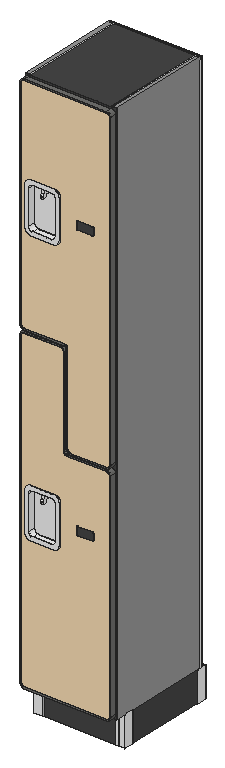
Revit family "Wood_Lockers-Salsbury_Industries-37000_Series-1_Wide_Units", category Specialty Equipment, Revit 2016 (continued)
Definition of nested family "Wood Locker S-Style Top Doors"
  Dimensions and locks (in)
    aligned and locked: curve 32 to cut or joined group of Sweep 4, Extrusion 11
    aligned and locked: curve 33 to cut or joined group of Sweep 4, Extrusion 11
    aligned and locked: curve 34 to cut or joined group of Sweep 4, Extrusion 11
    aligned and locked: cut or joined group of Sweep 4, Extrusion 11 to curve 35
    aligned and locked: curve 35 to cut or joined group of Sweep 4, Extrusion 11
    aligned and locked: curve 37 to cut or joined group of Sweep 4, Extrusion 11
    aligned and locked: curve 38 to cut or joined group of Sweep 4, Extrusion 11
    aligned and locked: curve 41 to cut or joined group of Sweep 4, Extrusion 11
    aligned and locked: cut or joined group of Extrusion 1, Extrusion 5, Extrusion 7, Extrusion 11 to curve 42
    aligned and locked: curve 42 to cut or joined group of Extrusion 1, Extrusion 5, Extrusion 7, Extrusion 11
    aligned and locked: curve 43 to cut or joined group of Extrusion 1, Extrusion 5, Extrusion 7, Extrusion 11
    aligned and locked: curve 45 to cut or joined group of Extrusion 1, Extrusion 5, Extrusion 7, Extrusion 11
    aligned and locked: curve 46 to cut or joined group of Extrusion 1, Extrusion 5, Extrusion 7, Extrusion 11
    aligned and locked: curve 48 to cut or joined group of Extrusion 1, Extrusion 5, Extrusion 7, Extrusion 11
    aligned and locked: curve 49 to cut or joined group of Extrusion 1, Extrusion 5, Extrusion 7, Extrusion 11
    aligned and locked: cut or joined group of Extrusion 8, Extrusion 9, Extrusion 11 to curve 50
    aligned and locked: cut or joined group of Extrusion 8, Extrusion 9, Extrusion 11 to curve 51
    aligned and locked: curve 51 to cut or joined group of Extrusion 8, Extrusion 9, Extrusion 11
    aligned and locked: cut or joined group of Extrusion 8, Extrusion 9, Extrusion 11 to curve 52
    aligned and locked: curve 52 to cut or joined group of Extrusion 8, Extrusion 9, Extrusion 11
    aligned and locked: cut or joined group of Extrusion 8, Extrusion 9, Extrusion 11 to curve 53
    aligned and locked: curve 54 to cut or joined group of Extrusion 8, Extrusion 9, Extrusion 11
    aligned and locked: curve 57 to cut or joined group of Extrusion 8, Extrusion 9, Extrusion 11
    aligned and locked: curve 59 to cut or joined group of Extrusion 8, Extrusion 9, Extrusion 11
    aligned and locked: cut or joined group of Extrusion 8, Extrusion 9, Extrusion 11 to curve 59
    aligned and locked: curve 60 to cut or joined group of Extrusion 8, Extrusion 9, Extrusion 11
    aligned and locked: curve 61 to cut or joined group of Extrusion 8, Extrusion 9, Extrusion 11
    aligned and locked: curve 62 to cut or joined group of Extrusion 8, Extrusion 9, Extrusion 11
    aligned and locked: curve 63 to cut or joined group of Extrusion 8, Extrusion 9, Extrusion 11
    aligned and locked: curve 64 to cut or joined group of Extrusion 8, Extrusion 9, Extrusion 11
    aligned and locked: curve 65 to curve 66
    aligned and locked: curve 66 to cut or joined group of Extrusion 10, Extrusion 11
    aligned and locked: curve 67 to cut or joined group of Extrusion 10, Extrusion 11
    aligned and locked: curve 68 to cut or joined group of Extrusion 10, Extrusion 11
  Automatic sketch dimensions
    Extrusion 5 sketch curve to plane 13 "Left Side of Number Tag" = 0.000"
    Extrusion 5 sketch curve to plane 12 "Bottom of Number Tag" = 0.000"
    Extrusion 5 sketch curve to plane 11 "Top of Number Tag" = 0.000"
    Extrusion 5 sketch curve to plane 14 "Right Side of Number Tag" = 0.000"
    Extrusion 5 sketch curve to Extrusion 5 sketch curve = 0.14916"  (x3)
    plane 11 "Top of Number Tag" to Extrusion 5 sketch curve = 0.14916"
    plane 13 "Left Side of Number Tag" to Extrusion 6 sketch curve = 0.000"
    plane 11 "Top of Number Tag" to Extrusion 6 sketch curve = 0.000"
    plane 13 "Left Side of Number Tag" to Extrusion 6 sketch curve = 0.14916"  (x2)
    Extrusion 6 sketch curve to plane 14 "Right Side of Number Tag" = 0.14916"
    Extrusion 6 sketch curve to plane 14 "Right Side of Number Tag" = 0.000"
    Extrusion 6 sketch curve to plane 12 "Bottom of Number Tag" = 0.14916"
    Extrusion 6 sketch curve to plane 12 "Bottom of Number Tag" = 0.000"
    plane 31 "Hasp Inset-Left" to Extrusion 7 sketch curve = 0.063"
    plane 34 "Hasp Inset-Bottom" to Extrusion 7 sketch curve = 0.063"
    Extrusion 7 sketch curve to plane 33 "Hasp Inset-Top" = 0.063"
    Extrusion 7 sketch curve to plane 32 "Hasp Inset-Right" = 0.0625"
    Extrusion 7 sketch curve to plane 31 "Hasp Inset-Left" = 0.437"
    plane 37 "Hasp Letters - Left Side" to Extrusion 7 sketch curve = 0.407"
    Extrusion 7 sketch curve to plane 38 "Hasp Letters - Right Side" = 0.4065"
    Extrusion 7 sketch curve to Extrusion 7 sketch curve = 0.500"
    Extrusion 8 sketch curve to plane 18 "Right Side of Hasp" = 0.000"
    Extrusion 8 sketch curve to plane 20 "Top of Hasp" = 0.000"
    Extrusion 8 sketch curve to plane 21 "Bottom of Hasp" = 0.000"
    Extrusion 8 sketch curve to plane 17 "Left Side of Hasp" = 0.000"
    plane 32 "Hasp Inset-Right" to Extrusion 8 sketch curve = 0.250"
    Extrusion 8 sketch curve to plane 44 "Hasp Handle - Center of Lock Hole" = 0.125"
    Extrusion 8 sketch curve to plane 31 "Hasp Inset-Left" = 0.250"  (x2)
    plane 31 "Hasp Inset-Left" to Extrusion 9 sketch curve = 0.000"
    Extrusion 9 sketch curve to plane 33 "Hasp Inset-Top" = 0.000"
    Extrusion 9 sketch curve to plane 34 "Hasp Inset-Bottom" = 0.000"
    plane 32 "Hasp Inset-Right" to Extrusion 9 sketch curve = 0.000"
    plane 37 "Hasp Letters - Left Side" to Extrusion 9 sketch curve = 0.344"  (x2)
    Extrusion 9 sketch curve to plane 38 "Hasp Letters - Right Side" = 0.344"
    plane 44 "Hasp Handle - Center of Lock Hole" to Extrusion 9 sketch curve = 0.125"
    Extrusion 10 sketch curve to plane 28 "Melamine-Particleboard Line" = 0.000"
    plane 33 "Hasp Inset-Top" to Extrusion 10 sketch curve = 0.000"
    Extrusion 10 sketch curve to plane 27 "Laminate-Particleboard Line" = 0.000"
    plane 43 "Hasp Handle - Lock Area Bottom" to Extrusion 10 sketch curve = 0.000"
    Extrusion 10 sketch curve to plane 22 "Front of Hasp" = 0.000"
    Extrusion 10 sketch curve to plane 45 = 0.000"
    plane 41 "Hasp Handle - Bottom" to Extrusion 10 sketch curve = 0.000"
    Extrusion 10 sketch curve to plane 42 "Hasp Handle - Lip" = 0.07049"
    Extrusion 10 sketch curve to plane 42 "Hasp Handle - Lip" = 0.06247"
    plane 43 "Hasp Handle - Lock Area Bottom" to Extrusion 10 sketch curve = 0.02394"
    plane 1 "Center (Front/Back)" to Extrusion 10 sketch curve = 0.063"
    Extrusion 10 sketch curve to plane 41 "Hasp Handle - Bottom" = 0.09888"  (x2)
    Extrusion 10 sketch curve to plane 29 "Back of Number Plate Inset" = 0.03992"
    Extrusion 10 sketch curve to Extrusion 10 sketch curve = 0.100"
    plane 7 "Front of Door" to Extrusion 10 sketch curve = 0.04375"
    Extrusion 11 sketch curve to plane 1 "Center (Front/Back)" = 0.000"
    plane 44 "Hasp Handle - Center of Lock Hole" to Extrusion 11 sketch curve = 0.000"
    Extrusion 12 sketch curve to plane 51 = 0.000"
    Extrusion 12 sketch curve to plane 52 = 0.000"
    plane 53 "Top Hinge" to Extrusion 13 sketch curve = 0.250"
    plane 54 to Extrusion 13 sketch curve = 0.000"
    Extrusion 13 sketch curve to plane 53 "Top Hinge" = 0.250"
    plane 54 to Extrusion 13 sketch curve = 0.500"
    plane 55 "Bottom Hinge" to Extrusion 14 sketch curve = 0.250"
    plane 54 to Extrusion 14 sketch curve = 0.000"
    plane 54 to Extrusion 14 sketch curve = 0.500"
    Extrusion 14 sketch curve to plane 55 "Bottom Hinge" = 0.250"
    plane 10 "Center of Door" to Extrusion 15 sketch curve = 0.250"
    plane 54 to Extrusion 15 sketch curve = 0.000"
    plane 54 to Extrusion 15 sketch curve = 0.500"
    Extrusion 15 sketch curve to plane 10 "Center of Door" = 0.250"
    plane 23 "Left Side of Door-Right Side of Trim" to Extrusion 3 sketch curve = 0.000"
    Extrusion 3 sketch curve to plane 25 "Top of Door-Bottom of Trim" = 0.000"
    plane 51 to Extrusion 3 sketch curve = 0.000"  (x2)
    Extrusion 3 sketch curve to plane 59 = 0.000"
    plane 60 to Extrusion 3 sketch curve = 0.000"
    Extrusion 3 sketch curve to plane 26 "Bottom of Door-Top of Trim" = 0.000"
    Extrusion 3 sketch curve to plane 52 = 0.000"
    plane 24 "Right Side of Door-Left Side of Trim" to Extrusion 3 sketch curve = 0.000"
    Extrusion 3 sketch curve to plane 3 "Center (Left/Right)" = 0.1495"
    Extrusion 3 sketch curve to plane 60 = 0.400"
    Extrusion 3 sketch curve to plane 54 = 0.100"
    plane 23 "Left Side of Door-Right Side of Trim" to Extrusion 1 sketch curve = 0.000"
    plane 51 to Extrusion 1 sketch curve = 0.000"  (x2)
    Extrusion 1 sketch curve to plane 25 "Top of Door-Bottom of Trim" = 0.000"
    Extrusion 1 sketch curve to plane 59 = 0.000"
    plane 60 to Extrusion 1 sketch curve = 0.000"
    Extrusion 1 sketch curve to plane 26 "Bottom of Door-Top of Trim" = 0.000"
    Extrusion 1 sketch curve to plane 52 = 0.000"
    plane 24 "Right Side of Door-Left Side of Trim" to Extrusion 1 sketch curve = 0.000"
    Extrusion 1 sketch curve to plane 3 "Center (Left/Right)" = 0.1495"
    Extrusion 1 sketch curve to plane 60 = 0.400"
    Extrusion 1 sketch curve to plane 54 = 0.100"
    plane 23 "Left Side of Door-Right Side of Trim" to Extrusion 2 sketch curve = 0.000"
    plane 51 to Extrusion 2 sketch curve = 0.000"  (x2)
    Extrusion 2 sketch curve to plane 25 "Top of Door-Bottom of Trim" = 0.000"
    Extrusion 2 sketch curve to plane 59 = 0.000"
    plane 60 to Extrusion 2 sketch curve = 0.000"
    Extrusion 2 sketch curve to plane 26 "Bottom of Door-Top of Trim" = 0.000"
    Extrusion 2 sketch curve to plane 52 = 0.000"
    Extrusion 2 sketch curve to plane 3 "Center (Left/Right)" = 0.1495"
    Extrusion 2 sketch curve to plane 60 = 0.400"
    Extrusion 2 sketch curve to plane 54 = 0.100"
    Sweep 4 sketch curve to profile plane = 0.000"
    Sweep 4 sketch curve to Sweep 4 sketch curve = 0.125"
    Sweep 4 sketch curve to plane 1 "Center (Front/Back)" = 0.375"
    plane 1 "Center (Front/Back)" to Sweep 4 sketch curve = 0.375"
    plane 23 "Left Side of Door-Right Side of Trim" to Sweep 4 sketch curve = 0.000"
    plane 51 to Sweep 4 sketch curve = 0.000"  (x2)
    Sweep 4 sketch curve to plane 59 = 0.000"
    plane 60 to Sweep 4 sketch curve = 0.000"
    Sweep 4 sketch curve to plane 26 "Bottom of Door-Top of Trim" = 0.000"
    Sweep 4 sketch curve to plane 25 "Top of Door-Bottom of Trim" = 0.000"
    Sweep 4 sketch curve to plane 52 = 0.000"
    plane 24 "Right Side of Door-Left Side of Trim" to Sweep 4 sketch curve = 0.000"
    Sweep 4 sketch curve to plane 3 "Center (Left/Right)" = 0.1495"
    Sweep 4 sketch curve to plane 60 = 0.400"
    Sweep 4 sketch curve to plane 54 = 0.100"
    curve 5 to plane 23 "Left Side of Door-Right Side of Trim" = 0.150"
    plane 17 "Left Side of Hasp" to curve 6 = 0.02588"
    plane 25 "Top of Door-Bottom of Trim" to curve 19 = 0.150"
    curve 19 to plane 52 = 0.24933"
    plane 51 to curve 40 = 0.000"
    plane 51 to curve 30 = 0.000"
    curve 31 to plane 52 = 0.000"
    curve 50 to plane 44 "Hasp Handle - Center of Lock Hole" = 0.125"
    curve 54 to plane 31 "Hasp Inset-Left" = 0.250"
    plane 44 "Hasp Handle - Center of Lock Hole" to curve 58 = 0.125"
    plane 37 "Hasp Letters - Left Side" to curve 63 = 0.344"
    curve 60 to plane 38 "Hasp Letters - Right Side" = 0.344"
    plane 44 "Hasp Handle - Center of Lock Hole" to curve 59 = 0.125"
    plane 32 "Hasp Inset-Right" to curve 52 = 0.250"
    curve 51 to plane 44 "Hasp Handle - Center of Lock Hole" = 0.125"
    curve 33 to plane 3 "Center (Left/Right)" = 0.1495"
    curve 36 to plane 60 = 0.400"
    curve 47 to curve 43 = 0.14916"
    plane 13 "Left Side of Number Tag" to curve 46 = 0.14916"
    curve 46 to plane 14 "Right Side of Number Tag" = 0.14916"
    curve 44 to curve 44 = 0.14916"
    curve 36 to plane 54 = 0.100"
    radius of Extrusion 11 sketch curve = 0.175"
    radius of Extrusion 12 sketch curve = 0.250"
Definition of nested family "Wood Locker Sloping Hoods"
  Parameters (values of type "33357 - for 15" Deep Lockers (1 Wide)")
    Width = 12.000"
    Visible = yes
    Version = "1.0 (2/29/16)"
    Type Comments = "Sloping Hood for Designer Wood Lockers"
    Model = "33357"
    Manufacturer = "Salsbury Industries"
    Laminate Surface = none
    Height = 5.743"
    Description = "For 15\" D - 1 Wide Lockers"
    Depth = 14.625"
  Types (14): name | Width | Visible | Version | Type Comments | Model | Manufacturer | Height | Description | Depth
    (no name) | 12.000" | yes | "1.0 (2/29/16)" | "Sloping Hood for Designer Wood Lockers" | "33357" | "Salsbury Industries" | 5.743" | "For 15\" D - 1 Wide Lockers" | 14.625"
    33357 - for 15" Deep Lockers (1 Wide) | 12.000" | yes | "1.0 (2/29/16)" | "Sloping Hood for Designer Wood Lockers" | "33357" | "Salsbury Industries" | 5.743" | "For 15\" D - 1 Wide Lockers" | 14.625"
    33353 - for 18" Deep Lockers (1 Wide) | 12.000" | yes | "1.0 (2/29/16)" | "Sloping Hood for Designer Wood Lockers" | "33353" | "Salsbury Industries" | 6.868" | "For 18\" D - 1 Wide Lockers" | 17.625"
    33352 - for 21" Deep Lockers (1 Wide) | 12.000" | yes | "1.0 (2/29/16)" | "Sloping Hood for Designer Wood Lockers" | "33352" | "Salsbury Industries" | 7.993" | "For 21\" D - 1 Wide Lockers" | 20.625"
    33359 - for 15" Deep Lockers (3 Wide) | 36.000" | yes | "1.0 (2/29/16)" | "Sloping Hood for Designer Wood Lockers" | "33359" | "Salsbury Industries" | 5.743" | "For 15\" D - 3 Wide Lockers" | 14.625"
    33356 - for 18" Deep Lockers (3 Wide) | 36.000" | yes | "1.0 (2/29/16)" | "Sloping Hood for Designer Wood Lockers" | "33356" | "Salsbury Industries" | 6.868" | "For 18\" D - 3 Wide Lockers" | 17.625"
    33354 - for 21" Deep Lockers (3 Wide) | 36.000" | yes | "1.0 (2/29/16)" | "Sloping Hood for Designer Wood Lockers" | "33354" | "Salsbury Industries" | 7.993" | "For 21\" D - 3 Wide Lockers" | 20.625"
    22255 - for 24" Deep Lockers (1 Wide) | 15.000" | yes | "" | "" | "" | "" | 9.118" | "" | 23.625"
    222257 - for 24" Deep Lockers (3 Wide) | 45.000" | yes | "" | "" | "" | "" | 9.118" | "" | 23.625"
    22252 - for 21" Deep Lockers (1 Wide) | 15.000" | yes | "1.0 (2/29/16)" | "Sloping Hood for Extra Wide Designer Wood Lockers" | "22252" | "Salsbury Industries" | 7.993" | "For 21\" D - 1 Wide Lockers" | 20.625"
    22254 - for 21" Deep Lockers (3 Wide) | 45.000" | yes | "1.0 (2/29/16)" | "Sloping Hood for Extra Wide Designer Wood Lockers" | "22254" | "Salsbury Industries" | 7.993" | "For 21\" D - 3 Wide Lockers" | 20.625"
    22251 - for 18" Deep Lockers (1 Wide) | 15.000" | yes | "1.0 (2/29/16)" | "Sloping Hood for Extra Wide Designer Wood Lockers" | "22251" | "Salsbury Industries" | 6.868" | "For 18\" D - 1 Wide Lockers" | 17.625"
    22253 - for 18" Deep Lockers (3 Wide) | 45.000" | yes | "1.0 (2/29/16)" | "Sloping Hood for Extra Wide Designer Wood Lockers" | "22253" | "Salsbury Industries" | 6.868" | "For 18\" D - 3 Wide Lockers" | 17.625"
    None | 12.000" | no | "" | "" | "" | "" | 5.743" | "" | 14.625"
  Reference planes (in)
    plane 1 "Center (Front/Back)": y = 0
    plane 2: z = 0
    plane 3 "Center (Left/Right)": x = 0
    plane 4 "Front of Hood": y = -7.3125
    plane 5 "Back of Hood": y = 7.3125
    plane 6 "Right Side of Hood": x = 6
    plane 7 "Left Side of Hood": x = -6
    plane 8 "Bottom of Hood": z = 0
    plane 9 "Top of Hood": z = 5.743
    plane 10: x = 5.25
    plane 11: x = -5.25
    plane 12: y = -7.2815
    plane 13: y = -6.5625
    plane 14: z = 5.712
    plane 15: z = 4.993
    plane 16: z = 0.062
    plane 17: z = 0.75
  Forms (in)
    Extrusion 1, solid, visible <- "Visible"
      sketch origin (6, 0.3722738, 0) x (0, -1, 0) y (0, 0, 1)
        loop
          line (-0.25, 2.3802743) -> (-0.25, 0) -> (0.3722738, 0) -> (0.3722738, 2.1372585) -> (-0.25, 2.3802743)
      from 0 to 12
    Extrusion 2, solid, visible <- "Visible"
      sketch origin (0, 0, 0) x (0, 1, 0) y (0, 0, 1)
        loop
          line (-5.47273, 0) -> (7.3125, 4.993) -> (7.3125, 5.712) -> (-7.2326912, 0.062) -> (-7.2815, 0.062) -> (-7.2815, 0) -> (-5.47273, 0)
      from -6 to 6
    Extrusion 3, solid, visible <- "Visible"
      sketch origin (0, 0, 0) x (0, 1, 0) y (0, 0, 1)
        loop
          line (-7.3125, 0.062) -> (-7.3125, 0) -> (-7.2815, 0) -> (-7.2815, 0.062) -> (-7.3125, 0.062)
      from -6 to 6
    Extrusion 4, solid, material <- "Laminate Surface", visible <- "Visible"
      sketch origin (0, 0, 0) x (0, 1, 0) y (0, 0, 1)
        loop
          line (7.3125, 5.743) -> (-7.3125, 0.062) -> (-7.2326912, 0.062) -> (7.3125, 5.712) -> (7.3125, 5.743)
      from -6 to 6
  Dimensions and locks (in)
    equal spacing: plane 7 "Left Side of Hood", plane 3 "Center (Left/Right)", plane 6 "Right Side of Hood"
    "Width": plane 7 "Left Side of Hood" to plane 6 "Right Side of Hood"
    equal spacing: plane 4 "Front of Hood", plane 1 "Center (Front/Back)", plane 5 "Back of Hood"
    "Depth": plane 4 "Front of Hood" to plane 5 "Back of Hood"
    "Height": plane 9 "Top of Hood" to plane 8 "Bottom of Hood"
    plane 7 "Left Side of Hood" to plane 11 = 0.750"
    plane 10 to plane 6 "Right Side of Hood" = 0.750"
    plane 4 "Front of Hood" to plane 12 to plane 13 = 0.031" locked, 0.719" locked
    plane 15 to plane 14 to plane 9 "Top of Hood" = 0.719" locked, 0.031" locked
    locked: plane 16 to plane 8 "Bottom of Hood" at 0.062
    locked: plane 17 to plane 8 "Bottom of Hood" at 0.75
    aligned and locked: level to plane 2
    aligned and locked: Extrusion 2 to plane 6 "Right Side of Hood"
    aligned and locked: plane 7 "Left Side of Hood" to Extrusion 2
    aligned and locked: plane 7 "Left Side of Hood" to Extrusion 4
    aligned and locked: Extrusion 4 to plane 6 "Right Side of Hood"
    aligned and locked: Extrusion 3 to plane 6 "Right Side of Hood"
    aligned and locked: plane 7 "Left Side of Hood" to Extrusion 3
    aligned and locked: Extrusion 2 to Extrusion 1 sketch curve
    aligned and locked: plane 7 "Left Side of Hood" to Extrusion 1
    aligned and locked: Extrusion 1 to plane 6 "Right Side of Hood"
  Automatic sketch dimensions
    Extrusion 3 sketch curve to level = 0.000"
    Extrusion 3 sketch curve to plane 4 "Front of Hood" = 0.000"
    Extrusion 3 sketch curve to plane 12 = 0.000"
    plane 16 to Extrusion 3 sketch curve = 0.000"
    Extrusion 4 sketch curve to plane 4 "Front of Hood" = 0.000"
    plane 16 to Extrusion 4 sketch curve = 0.000"
    Extrusion 4 sketch curve to plane 5 "Back of Hood" = 0.000"
    plane 14 to Extrusion 4 sketch curve = 0.000"
    plane 9 "Top of Hood" to Extrusion 4 sketch curve = 0.000"
    Extrusion 4 sketch curve to plane 12 = 0.04881"
    Extrusion 2 sketch curve to level = 0.000"
    Extrusion 2 sketch curve to plane 12 = 0.000"
    plane 16 to Extrusion 2 sketch curve = 0.000"
    Extrusion 2 sketch curve to plane 5 "Back of Hood" = 0.000"
    plane 15 to Extrusion 2 sketch curve = 0.000"
    plane 14 to Extrusion 2 sketch curve = 0.000"
    Extrusion 2 sketch curve to plane 13 = 1.08977"
    Extrusion 2 sketch curve to plane 12 = 0.04881"
    Extrusion 1 sketch curve to level = 0.000"
    Extrusion 1 sketch curve to plane 1 "Center (Front/Back)" = 0.000"
    Extrusion 1 sketch curve to Extrusion 1 sketch curve = 0.24302"
Definition of nested family "Wood Locker Sloping Corner Fillers"
  Parameters (values of type "33377 - for 15" D Lockers")
    Width = 16.875"
    Visible = yes
    Version = "1.0 (2/29/16)"
    Type Comments = "Sloping Hood Corner Filler for Designer Wood Lockers"
    Model = "33377"
    Manufacturer = "Salsbury Industries"
    Laminate Surface = none
    Height = 5.743"
    Description = "For 15\" D Lockers"
    Depth = 16.875"
  Types (8): name | Width | Visible | Version | Type Comments | Model | Manufacturer | Height | Description | Depth
    (no name) | 16.875" | yes | "1.0 (2/29/16)" | "Sloping Hood Corner Filler for Designer Wood Lockers" | "33377" | "Salsbury Industries" | 5.743" | "For 15\" D Lockers" | 16.875"
    33377 - for 15" D Lockers | 16.875" | yes | "1.0 (2/29/16)" | "Sloping Hood Corner Filler for Designer Wood Lockers" | "33377" | "Salsbury Industries" | 5.743" | "For 15\" D Lockers" | 16.875"
    33378 - for 18" D Lockers | 19.875" | yes | "1.0 (2/29/16)" | "Sloping Hood Corner Filler for Designer Wood Lockers" | "33378" | "Salsbury Industries" | 6.868" | "For 18\" D Lockers" | 19.875"
    33371 - for 21" D Lockers | 22.875" | yes | "1.0 (2/29/16)" | "Sloping Hood Corner Filler for Designer Wood Lockers" | "33371" | "Salsbury Industries" | 7.993" | "For 21\" D Lockers" | 22.875"
    22279 - for 24" D Lockers | 25.875" | yes | "1.0 (2/29/16)" | "Sloping Hood Corner Filler for Extra Wide Designer Wood Lockers" | "22279" | "Salsbury Industries" | 9.118" | "For 24\" D Lockers" | 25.875"
    None | 16.875" | no | "" | "" | "" | "" | 5.743" | "" | 16.875"
    22278 - for 18" D Lockers | 19.875" | yes | "1.0 (2/29/16)" | "Sloping Hood Corner Filler for Extra Wide Designer Wood Lockers" | "22278" | "Salsbury Industries" | 6.868" | "For 18\" D Lockers" | 19.875"
    22271 - for 21" D Lockers | 22.875" | yes | "1.0 (2/29/16)" | "Sloping Hood Corner Filler for Extra Wide Designer Wood Lockers" | "22271" | "Salsbury Industries" | 7.993" | "For 21\" D Lockers" | 22.875"
  Reference planes (in)
    plane 1 "Center (Front/Back)": y = -0.8125
    plane 2: z = 0
    plane 3 "Center (Left/Right)": x = 0.8125
    plane 4 "Front of Hood": y = -7
    plane 5 "Right Side of Hood": x = 7
    plane 6 "Bottom of Hood": z = 0
    plane 7 "Black Trim Line": y = -6.969
    plane 8: z = 0.062
    plane 9: z = 0.75
    plane 10 "New Back of Hood": y = 7.625
    plane 11 "New Front of Hood": y = -9.25
    plane 12 "New Left Side": x = -7.625
    plane 13 "New Right Side": x = 9.25
    plane 14 "Top": z = 5.743
    plane 15: x = 6.969
  Forms (in)
    Extrusion 1, solid, visible <- "Visible"
      sketch origin (0.8125, 0, 0) x (0, 1, 0) y (0, 0, 1)
        loop
          line (-5.16023, 0) -> (7.625, 4.9943682) -> (7.625, 5.712) -> (-6.9201912, 0.062) -> (-6.969, 0.062) -> (-6.969, 0) -> (-5.16023, 0)
      from -8.4375 to 8.4375
    Extrusion 2, solid, material <- "Laminate Surface", visible <- "Visible"
      sketch origin (0.8125, 0, 0.0002321) x (0, 1, 0) y (0, 0, 1)
        loop
          line (7.625, 5.7427679) -> (-7, 0.0617679) -> (-6.9201912, 0.0617679) -> (7.625, 5.7117679) -> (7.625, 5.7427679)
      from -8.4375 to 8.4375
    Extrusion 3, void
      sketch origin (0, 0, 0) x (0, -1, 0) y (1, 0, 0)
        loop
          line (7, 7) -> (-7.625, -7.625) -> (7, -7.625) -> (7, 7)
      from 0 to 5.743
    Extrusion 4, solid, visible <- "Visible"
      sketch origin (9.25, 0, 0) x (0, -1, 0) y (0, 0, 1)
        loop
          line (7, 0) -> (7, 0.062) -> (6.969, 0.062) -> (6.969, 0) -> (7, 0)
      from 0 to 2.25
    Extrusion 5, solid, visible <- "Visible"
      sketch origin (-1.125, -0.8125, 0) x (1, 0, 0) y (0, 0, 1)
        loop
          line (6.28523, 0) -> (8.094, 0) -> (8.094, 0.062) -> (8.0451912, 0.062) -> (-6.5, 5.712) -> (-6.5, 4.9943682) -> (6.28523, 0)
      from -8.4375 to 8.4375
    Extrusion 6, solid, material <- "Laminate Surface", visible <- "Visible"
      sketch origin (-1.125, -0.8125, 0) x (1, 0, 0) y (0, 0, 1)
        loop
          line (-6.5, 5.743) -> (-6.5, 5.712) -> (8.0451912, 0.062) -> (8.125, 0.062) -> (-6.5, 5.743)
      from -8.4375 to 8.4375
    Extrusion 7, solid, visible <- "Visible"
      sketch origin (0, -7, 0) x (1, 0, 0) y (0, 0, 1)
        loop
          line (7, 0) -> (7, 0.062) -> (6.969, 0.062) -> (6.969, 0) -> (7, 0)
      from 0 to 2.25
    Extrusion 8, void
      sketch origin (9.25, 0, 0) x (0, -1, 0) y (0, 0, 1)
        loop
          line (-7.625, 0) -> (5.16023, 0) -> (-7.625, 4.9943682) -> (-7.625, 0)
      from 0 to 16.875
  Cuts and joins
    Extrusion 3, Extrusion 8 cuts Extrusion 1
    Extrusion 3 cuts Extrusion 2
    Extrusion 8 cuts Extrusion 5
    Extrusion 8 cuts Extrusion 6
  Dimensions and locks (in)
    locked: plane 4 "Front of Hood" to plane 7 "Black Trim Line" at 0.031
    locked: plane 8 to plane 6 "Bottom of Hood" at 0.062
    locked: plane 9 to plane 6 "Bottom of Hood" at 0.75
    "Height": plane 14 "Top" to plane 6 "Bottom of Hood"
    "Width": plane 12 "New Left Side" to plane 13 "New Right Side"
    "Depth": plane 11 "New Front of Hood" to plane 10 "New Back of Hood"
    equal spacing: plane 12 "New Left Side", plane 3 "Center (Left/Right)", plane 13 "New Right Side"
    equal spacing: plane 11 "New Front of Hood", plane 1 "Center (Front/Back)", plane 10 "New Back of Hood"
    locked: plane 5 "Right Side of Hood" to plane 13 "New Right Side" at 2.25
    locked: plane 11 "New Front of Hood" to plane 4 "Front of Hood" at 2.25
    locked: plane 15 to plane 5 "Right Side of Hood" at 0.031
    aligned and locked: level to plane 2
    aligned and locked: plane 12 "New Left Side" to Extrusion 3
    aligned and locked: Extrusion 2 to plane 13 "New Right Side"
    aligned and locked: plane 12 "New Left Side" to cut or joined group of Extrusion 2, Extrusion 3
    aligned and locked: cut or joined group of Extrusion 2, Extrusion 3 to plane 10 "New Back of Hood"
    aligned and locked: plane 12 "New Left Side" to cut or joined group of Extrusion 1, Extrusion 3, Extrusion 8
    aligned and locked: cut or joined group of Extrusion 1, Extrusion 3, Extrusion 8 to plane 13 "New Right Side"
    aligned and locked: cut or joined group of Extrusion 1, Extrusion 3, Extrusion 8 to plane 10 "New Back of Hood"  (x2)
    aligned and locked: plane 4 "Front of Hood" to cut or joined group of Extrusion 2, Extrusion 3
    aligned and locked: Extrusion 3 to cut or joined group of Extrusion 2, Extrusion 3
    aligned and locked: plane 13 "New Right Side" to cut or joined group of Extrusion 1, Extrusion 3, Extrusion 8
    aligned and locked: plane 5 "Right Side of Hood" to Extrusion 4
    aligned and locked: Extrusion 8 to Extrusion 1  (x2)
    aligned and locked: Extrusion 1 to Extrusion 8
    aligned and locked: cut or joined group of Extrusion 1, Extrusion 3, Extrusion 8 to Extrusion 6
    aligned and locked: plane 11 "New Front of Hood" to Extrusion 6
    aligned and locked: plane 12 "New Left Side" to Extrusion 6
    aligned and locked: plane 11 "New Front of Hood" to Extrusion 5
    aligned and locked: plane 12 "New Left Side" to Extrusion 5
    aligned and locked: cut or joined group of Extrusion 1, Extrusion 3, Extrusion 8 to Extrusion 5
  Automatic sketch dimensions
    Extrusion 1 sketch curve to level = 0.000"
    Extrusion 1 sketch curve to plane 7 "Black Trim Line" = 0.000"
    plane 8 to Extrusion 1 sketch curve = 0.000"
    Extrusion 1 sketch curve to plane 10 "New Back of Hood" = 0.000"
    Extrusion 1 sketch curve to Extrusion 1 sketch curve = 0.04881"
    Extrusion 1 sketch curve to Extrusion 1 sketch curve = 1.75996"
    plane 14 "Top" to Extrusion 1 sketch curve = 0.74863"
    plane 14 "Top" to Extrusion 1 sketch curve = 0.031"
    Extrusion 2 sketch curve to plane 4 "Front of Hood" = 0.000"
    plane 8 to Extrusion 2 sketch curve = 0.000"
    Extrusion 2 sketch curve to plane 10 "New Back of Hood" = 0.000"
    plane 14 "Top" to Extrusion 2 sketch curve = 0.000"
    Extrusion 2 sketch curve to plane 7 "Black Trim Line" = 0.04881"
    plane 14 "Top" to Extrusion 2 sketch curve = 0.031"
    plane 10 "New Back of Hood" to Extrusion 3 sketch curve = 0.000"
    plane 4 "Front of Hood" to Extrusion 3 sketch curve = 0.000"
    Extrusion 3 sketch curve to plane 12 "New Left Side" = 0.000"
    Extrusion 3 sketch curve to plane 5 "Right Side of Hood" = 0.000"
    Extrusion 4 sketch curve to level = 0.000"
    Extrusion 4 sketch curve to plane 7 "Black Trim Line" = 0.000"
    Extrusion 4 sketch curve to plane 4 "Front of Hood" = 0.000"
    plane 8 to Extrusion 4 sketch curve = 0.000"
    Extrusion 5 sketch curve to level = 0.000"
    Extrusion 5 sketch curve to plane 8 = 0.000"
    plane 14 "Top" to Extrusion 5 sketch curve = 0.031"
    Extrusion 5 sketch curve to plane 12 "New Left Side" = 0.000"
    plane 5 "Right Side of Hood" to Extrusion 5 sketch curve = 1.83977"
    plane 5 "Right Side of Hood" to Extrusion 5 sketch curve = 0.07981"
    Extrusion 5 sketch curve to Extrusion 5 sketch curve = 0.04881"
    Extrusion 5 sketch curve to Extrusion 5 sketch curve = 0.71763"
    plane 14 "Top" to Extrusion 6 sketch curve = 0.000"
    Extrusion 6 sketch curve to plane 8 = 0.000"
    Extrusion 6 sketch curve to plane 12 "New Left Side" = 0.000"
    plane 5 "Right Side of Hood" to Extrusion 6 sketch curve = 0.07981"
    Extrusion 6 sketch curve to Extrusion 6 sketch curve = 0.07981"
    plane 14 "Top" to Extrusion 6 sketch curve = 0.031"
    Extrusion 7 sketch curve to level = 0.000"
    plane 15 to Extrusion 7 sketch curve = 0.000"
    plane 5 "Right Side of Hood" to Extrusion 7 sketch curve = 0.000"
    Extrusion 7 sketch curve to plane 8 = 0.000"
    Extrusion 8 sketch curve to plane 10 "New Back of Hood" = 0.000"
    Extrusion 8 sketch curve to level = 0.000"
    Extrusion 8 sketch curve to plane 7 "Black Trim Line" = 1.80877"
    plane 14 "Top" to Extrusion 8 sketch curve = 0.74863"
Definition of nested family "Wood Locker Flat Corner Fillers"
  Parameters (values of type "33337 - for 15" D Lockers")
    Width = 16.875"
    Visible = yes
    Version = "1.0 (2/29/16)"
    Type Comments = "Flat Top Corner Filler for Designer Wood Lockers"
    Model = "33337"
    Manufacturer = "Salsbury Industries"
    Laminate Surface = none
    Height = 0.750"
    Description = "For 15\" D Lockers"
    Depth = 16.875"
  Types (8): name | Width | Visible | Version | Type Comments | Model | Manufacturer | Description | Depth
    (no name) | 16.875" | yes | "1.0 (2/29/16)" | "Flat Top Corner Filler for Designer Wood Lockers" | "33337" | "Salsbury Industries" | "For 15\" D Lockers" | 16.875"
    33337 - for 15" D Lockers | 16.875" | yes | "1.0 (2/29/16)" | "Flat Top Corner Filler for Designer Wood Lockers" | "33337" | "Salsbury Industries" | "For 15\" D Lockers" | 16.875"
    None | 15.000" | no | "" | "" | "" | "" | "" | 13.250"
    33338 - for 18" D Lockers | 19.875" | yes | "1.0 (2/29/16)" | "Flat Top Corner Filler for Designer Wood Lockers" | "33338" | "Salsbury Industries" | "For 18\" D Lockers" | 19.875"
    33331 - for 21" D Lockers | 22.875" | yes | "1.0 (2/29/16)" | "Flat Top Corner Filler for Designer Wood Lockers" | "33331" | "Salsbury Industries" | "For 21\" D Lockers" | 22.875"
    22239 - for 24" D Lockers | 25.875" | yes | "1.0 (2/29/16)" | "Flat Top Corner Filler for Extra Wide Designer Wood Lockers" | "22239" | "Salsbury Industries" | "For 24\" D Lockers" | 25.875"
    22232 - for 18" D Lockers | 19.875" | yes | "1.0 (2/29/16)" | "Flat Top Corner Filler for Extra Wide Designer Wood Lockers" | "22232" | "Salsbury Industries" | "For 18\" D Lockers" | 19.875"
    22231 - for 21" D Lockers | 22.875" | yes | "1.0 (2/29/16)" | "Flat Top Corner Filler for Extra Wide Designer Wood Lockers" | "22231" | "Salsbury Industries" | "For 21\" D Lockers" | 22.875"
  Reference planes (in)
    plane 1 "Center (Front/Back)": y = 0
    plane 2: z = 0
    plane 3 "Center (Left/Right)": x = 0
    plane 4 "Right Side": x = 8.4375
    plane 5 "Left Side": x = -8.4375
    plane 6 "Front Side": y = -8.4375
    plane 7 "Back Side": y = 8.4375
    plane 8 "Bottom": z = 0
    plane 9 "Top Side": z = 0.75
    plane 10 "Wood - Laminate Line": z = 0.719
    plane 11: x = -5.4375
    plane 12: y = -5.4375
  Forms (in)
    Extrusion 1, solid, visible <- "Visible"
      sketch origin (0, 0, 0) x (0, -1, 0) y (1, 0, 0)
        loop
          line (-8.4375, -8.4375) -> (5.4375, -8.4375) -> (5.4375, -5.4375) -> (8.4375, -5.4375) -> (8.4375, 8.4375) -> (-8.4375, 8.4375) -> (-8.4375, -8.4375)
      from 0 to 0.719
    Extrusion 2, solid, material <- "Laminate Surface", visible <- "Visible"
      sketch origin (0, 0, 0.75) x (1, 0, 0) y (0, 1, 0)
        loop
          line (-8.4375, -5.4375) -> (-5.4375, -5.4375) -> (-5.4375, -8.4375) -> (8.4375, -8.4375) -> (8.4375, 8.4375) -> (-8.4375, 8.4375) -> (-8.4375, -5.4375)
      from -0.031 to 0
  Dimensions and locks (in)
    equal spacing: plane 6 "Front Side", plane 1 "Center (Front/Back)", plane 7 "Back Side"
    equal spacing: plane 5 "Left Side", plane 3 "Center (Left/Right)", plane 4 "Right Side"
    "Width": plane 5 "Left Side" to plane 4 "Right Side"
    "Depth": plane 6 "Front Side" to plane 7 "Back Side"
    "Height": plane 9 "Top Side" to plane 8 "Bottom"
    locked: plane 9 "Top Side" to plane 10 "Wood - Laminate Line" at 0.031
    locked: plane 6 "Front Side" to plane 12 at 3
    locked: plane 5 "Left Side" to plane 11 at 3
    plane 12 to plane 7 "Back Side" = 13.875"
    aligned and locked: level to plane 2
  Automatic sketch dimensions
    Extrusion 2 sketch curve to plane 5 "Left Side" = 0.000"
    plane 6 "Front Side" to Extrusion 2 sketch curve = 0.000"
    Extrusion 2 sketch curve to plane 11 = 0.000"
    Extrusion 2 sketch curve to plane 4 "Right Side" = 0.000"
    Extrusion 2 sketch curve to plane 12 = 0.000"
    plane 7 "Back Side" to Extrusion 2 sketch curve = 0.000"
    Extrusion 1 sketch curve to plane 5 "Left Side" = 0.000"
    plane 7 "Back Side" to Extrusion 1 sketch curve = 0.000"
    Extrusion 1 sketch curve to plane 12 = 0.000"
    Extrusion 1 sketch curve to plane 4 "Right Side" = 0.000"
    plane 6 "Front Side" to Extrusion 1 sketch curve = 0.000"
    Extrusion 1 sketch curve to plane 11 = 0.000"
Definition of nested family "Wood Locker Side Panels-No Slope"
  Parameters (values of type "33330 - 6' H for 15"D Lockers")
    Width = 14.000"
    Visible = yes
    Version = "1.0 (2/29/16)"
    Type Comments = "Side Panel for Designer Wood Lockers without Sloping Hood"
    Model = "33330"
    Manufacturer = "Salsbury Industries"
    Laminate Surface = none
    Height = 72.000"
    Door Trim = none
    Description = "6' H for 15\" D Lockers"
    Depth = 0.750"
  Types (11): name | Width | Visible | Version | Type Comments | Model | Manufacturer | Height | Description
    (no name) | 14.000" | yes | "1.0 (2/29/16)" | "Side Panel for Designer Wood Lockers without Sloping Hood" | "33330" | "Salsbury Industries" | 72.000" | "6' H for 15\" D Lockers"
    33330 - 6' H for 15"D Lockers | 14.000" | yes | "1.0 (2/29/16)" | "Side Panel for Designer Wood Lockers without Sloping Hood" | "33330" | "Salsbury Industries" | 72.000" | "6' H for 15\" D Lockers"
    33333 - 6' H for 18" D Lockers | 17.000" | yes | "1.0 (2/29/16)" | "Side Panel for Designer Wood Lockers withouth Sloping Hood" | "33333" | "Salsbury Industries" | 72.000" | "6' H for 18\" D Lockers"
    33335 - 6' H for 21" D Lockers | 20.000" | yes | "1.0 (2/29/16)" | "Side Panel for Designer Wood Lockers without Sloping Hood" | "33335" | "Salsbury Industries" | 72.000" | "6' H for 21\" D Lockers"
    22237 - 6' H for 24" D Lockers | 23.000" | yes | "1.0 (2/29/16)" | "Side Panel for Extra Wide Designer Wood Lockers without Sloping Hood" | "22237" | "Salsbury Industries" | 72.000" | "6' H for 24\" D Lockers"
    33300 - 5' H for 15" D Lockers | 14.000" | yes | "1.0 (2/29/16)" | "Side Panel for Designer Wood Lockers without Sloping Hood" | "33300" | "Salsbury Industries" | 60.000" | "5' H for 15\" D Lockers"
    33303 - 5' H for 18" D Lockers | 17.000" | yes | "1.0 (2/29/16)" | "Side Panel for Designer Wood Lockers without Sloping Hood" | "33303" | "Salsbury Industries" | 60.000" | "5' H for 18\" D Lockers"
    33305 - 5' H for 21" D Lockers | 20.000" | yes | "1.0 (2/29/16)" | "Side Panel for Designer Wood Lockers without Sloping Hood" | "33305" | "Salsbury Industries" | 60.000" | "5' H for 21\" D Lockers"
    None | 14.000" | no | "" | "" | "" | "" | 72.000" | ""
    22233 - 6' H for 18" D Lockers | 17.000" | yes | "1.0 (2/29/16)" | "Side Panel for Extra Wide Designer Wood Lockers withouth Sloping Hood" | "22233" | "Salsbury Industries" | 72.000" | "6' H for 18\" D Lockers"
    22235 - 6' H for 21" D Lockers | 20.000" | yes | "1.0 (2/29/16)" | "Side Panel for Extra Wide Designer Wood Lockers without Sloping Hood" | "22235" | "Salsbury Industries" | 72.000" | "6' H for 21\" D Lockers"
  Reference planes (in)
    plane 1 "Center (Front/Back)": y = 0
    plane 2: z = 0
    plane 3 "Center (Left/Right)": x = 0
    plane 4 "Back": y = 0.375
    plane 5 "Front": y = -0.375
    plane 6 "Left Side": x = -7
    plane 7 "Right Side": x = 7
    plane 8 "Bottom": z = 0
    plane 9 "Top": z = 72
    plane 10 "Center Elevation": z = 36
    plane 11 "Wood - Laminate Edge": y = -0.344
    plane 12 "Right Side of Wood": x = 6.875
    plane 13 "Left Side of Wood": x = -6.875
    plane 14 "Top of Wood": z = 71.875
    plane 15 "Bottom of Wood": z = 0.125
  Forms (in)
    Extrusion 1, solid, visible <- "Visible"
      sketch origin (0, 0.375, 0) x (1, 0, 0) y (0, 0, 1)
        loop
          line (-6.875, 71.75) -> (-6.875, 0.25)
          arc (-6.875, 0.25) -> (-6.8383883, 0.1616117) -> (-6.75, 0.125) r 0.125
          line (-6.75, 0.125) -> (6.75, 0.125)
          arc (6.75, 0.125) -> (6.8383883, 0.1616117) -> (6.875, 0.25) r 0.125
          line (6.875, 0.25) -> (6.875, 71.75)
          arc (6.875, 71.75) -> (6.8383883, 71.8383883) -> (6.75, 71.875) r 0.125
          line (6.75, 71.875) -> (-6.75, 71.875)
          arc (-6.75, 71.875) -> (-6.8383883, 71.8383883) -> (-6.875, 71.75) r 0.125
      from 0 to 0.719
    Extrusion 2, solid, material <- "Laminate Surface", visible <- "Visible"
      sketch origin (0, -0.375, 0) x (1, 0, 0) y (0, 0, 1)
        loop
          line (-6.875, 71.75) -> (-6.875, 0.25)
          arc (-6.875, 0.25) -> (-6.8383883, 0.1616117) -> (-6.75, 0.125) r 0.125
          line (-6.75, 0.125) -> (6.75, 0.125)
          arc (6.75, 0.125) -> (6.8383883, 0.1616117) -> (6.875, 0.25) r 0.125
          line (6.875, 0.25) -> (6.875, 71.75)
          arc (6.875, 71.75) -> (6.8383883, 71.8383883) -> (6.75, 71.875) r 0.125
          line (6.75, 71.875) -> (-6.75, 71.875)
          arc (-6.75, 71.875) -> (-6.8383883, 71.8383883) -> (-6.875, 71.75) r 0.125
      from -0.031 to 0
    Sweep 3, solid, material <- "Door Trim", visible <- "Visible"
      path origin (0, -0.375, 0) x (1, 0, 0) y (0, 0, 1)
        loop
          line (-6.875, 71.75) -> (-6.875, 0.25)
          arc (-6.875, 0.25) -> (-6.8383883, 0.1616117) -> (-6.75, 0.125) r 0.125
          line (-6.75, 0.125) -> (6.75, 0.125)
          arc (6.75, 0.125) -> (6.8383883, 0.1616117) -> (6.875, 0.25) r 0.125
          line (6.875, 0.25) -> (6.875, 71.75)
          arc (6.875, 71.75) -> (6.8383883, 71.8383883) -> (6.75, 71.875) r 0.125
          line (6.75, 71.875) -> (-6.75, 71.875)
          arc (-6.75, 71.875) -> (-6.8383883, 71.8383883) -> (-6.875, 71.75) r 0.125
      profile origin (-6.8383883, -0.375, 71.8383883) x (-0.707107, 0, 0.707107) y (0, -1, 0)
        loop
          line (0, 0) -> (0, -0.75) -> (0.125, -0.75) -> (0.125, 0) -> (0, 0)
  Dimensions and locks (in)
    equal spacing: plane 6 "Left Side", plane 3 "Center (Left/Right)", plane 7 "Right Side"
    plane 5 "Front" to plane 1 "Center (Front/Back)" to plane 4 "Back" = 0.375", 0.375"
    "Width": plane 6 "Left Side" to plane 7 "Right Side"
    "Depth": plane 5 "Front" to plane 4 "Back"
    equal spacing: plane 9 "Top", plane 10 "Center Elevation", plane 8 "Bottom"
    "Height": plane 9 "Top" to plane 8 "Bottom"
    locked: plane 5 "Front" to plane 11 "Wood - Laminate Edge" at 0.031
    locked: plane 15 "Bottom of Wood" to plane 8 "Bottom" at 0.125
    locked: plane 12 "Right Side of Wood" to plane 7 "Right Side" at 0.125
    locked: plane 6 "Left Side" to plane 13 "Left Side of Wood" at 0.125
    locked: plane 9 "Top" to plane 14 "Top of Wood" at 0.125
    aligned and locked: level to plane 2
  Automatic sketch dimensions
    plane 13 "Left Side of Wood" to Extrusion 1 sketch curve = 0.000"
    Extrusion 1 sketch curve to plane 15 "Bottom of Wood" = 0.000"
    Extrusion 1 sketch curve to plane 14 "Top of Wood" = 0.000"
    plane 12 "Right Side of Wood" to Extrusion 1 sketch curve = 0.000"
    Extrusion 1 sketch curve to plane 13 "Left Side of Wood" = 0.125"  (x2)
    plane 12 "Right Side of Wood" to Extrusion 1 sketch curve = 0.125"  (x2)
    plane 13 "Left Side of Wood" to Extrusion 2 sketch curve = 0.000"
    Extrusion 2 sketch curve to plane 14 "Top of Wood" = 0.000"
    Extrusion 2 sketch curve to plane 15 "Bottom of Wood" = 0.000"
    plane 12 "Right Side of Wood" to Extrusion 2 sketch curve = 0.000"
    Extrusion 2 sketch curve to plane 13 "Left Side of Wood" = 0.125"  (x2)
    plane 12 "Right Side of Wood" to Extrusion 2 sketch curve = 0.125"
    Extrusion 2 sketch curve to Extrusion 2 sketch curve = 0.125"
    plane 13 "Left Side of Wood" to Sweep 3 sketch curve = 0.000"
    Sweep 3 sketch curve to plane 14 "Top of Wood" = 0.000"
    Sweep 3 sketch curve to plane 15 "Bottom of Wood" = 0.000"
    plane 12 "Right Side of Wood" to Sweep 3 sketch curve = 0.000"
    Sweep 3 sketch curve to plane 13 "Left Side of Wood" = 0.125"  (x2)
    plane 12 "Right Side of Wood" to Sweep 3 sketch curve = 0.125"
    Sweep 3 sketch curve to Sweep 3 sketch curve = 0.125"  (x2)
    Sweep 3 sketch curve to profile plane = 0.000"
    plane 5 "Front" to Sweep 3 sketch curve = 0.000"
    Sweep 3 sketch curve to plane 5 "Front" = 0.750"
Definition of nested family "Wood Locker Side Panels-With Slope"
  Parameters (values of type "33339 - 6' H for 15" D Lockers")
    Width = 14.000"
    Visible = yes
    Version = "1.0 (2/29/16)"
    Type Comments = "Side Panel for Designer Wood Lockers with Sloping Hood"
    Slope Height = 5.233"
    Model = "33339"
    Manufacturer = "Salsbury Industries"
    Laminate Surface = none
    Height = 72.164"
    Door Trim = none
    Description = "6' H for 15\" D Lockers"
    Depth = 0.750"
  Types (11): name | Width | Visible | Version | Type Comments | Slope Height | Model | Manufacturer | Height | Description
    (no name) | 14.000" | yes | "1.0 (2/29/16)" | "Side Panel for Designer Wood Lockers with Sloping Hood" | 5.233" | "33339" | "Salsbury Industries" | 72.164" | "6' H for 15\" D Lockers"
    33334 - 6' H  for 18" D Lockers | 17.000" | yes | "1.0 (2/29/16)" | "Side Panel for Designer Wood Lockers with Sloping Hood" | 6.358" | "33334" | "Salsbury Industries" | 72.153" | "6' H for 18\" D Lockers"
    33336 - 6' H for 21" D Lockers | 20.000" | yes | "1.0 (2/29/16)" | "Side Panel for Designer Wood Lockers with Sloping Hood" | 7.483" | "33336" | "Salsbury Industries" | 72.153" | "6' H for 21\" D Lockers"
    22238 - 6' H for 24" D Lockers | 23.000" | yes | "1.0 (2/29/16)" | "Side Panel for Extra Wide Designer Wood Lockers with Sloping Hood" | 8.608" | "22238" | "Salsbury Industries" | 72.153" | "6' H for 24\" D Lockers"
    33309 - 5' H for 15" D Lockers | 14.000" | yes | "1.0 (2/29/16)" | "Side Panel for Designer Wood Lockers with Sloping Hood" | 5.233" | "33309" | "Salsbury Industries" | 60.153" | "5' H for 15\" D Lockers"
    33304 - 5' H for 18" D Lockers | 17.000" | yes | "1.0 (2/29/16)" | "Side Panel for Designer Wood Lockers with Sloping Hood" | 6.358" | "33304" | "Salsbury Industries" | 60.153" | "5' H for 18\" D Lockers"
    33306 - 5' H for 21" D Lockers | 20.000" | yes | "1.0 (2/29/16)" | "Side Panel for Designer Wood Lockers with Sloping Hood" | 7.483" | "33306" | "Salsbury Industries" | 60.153" | "5' H for 21\" D Lockers"
    None | 14.000" | no | "" | "" | 5.500" | "" | "" | 72.000" | ""
    33339 - 6' H for 15" D Lockers | 14.000" | yes | "1.0 (2/29/16)" | "Side Panel for Designer Wood Lockers with Sloping Hood" | 5.233" | "33339" | "Salsbury Industries" | 72.164" | "6' H for 15\" D Lockers"
    22234 - 6' H for 18" D Lockers | 17.000" | yes | "1.0 (2/29/16)" | "Side Panel for Extra Wide Designer Wood Lockers with Sloping Hood" | 6.358" | "22234" | "Salsbury Industries" | 72.153" | "6' H for 18\" D Lockers"
    22236 - 6' H for 21" D Lockers | 20.000" | yes | "1.0 (2/29/16)" | "Side Panel for Extra Wide Designer Wood Lockers with Sloping Hood" | 7.483" | "22236" | "Salsbury Industries" | 72.153" | "6' H for 21\" D Lockers"
  Reference planes (in)
    plane 1 "Center (Front/Back)": y = 0
    plane 2: z = 0
    plane 3 "Center (Left/Right)": x = 0
    plane 4 "Back": y = 0.375
    plane 5 "Front": y = -0.375
    plane 6 "Left Side": x = -7
    plane 7 "Right Side": x = 7
    plane 8 "Bottom": z = 0
    plane 9 "Top": z = 72.164
    plane 10 "Center Elevation": z = 36.082
    plane 11 "Wood - Laminate Edge": y = -0.344
    plane 12 "Right Side of Wood": x = 6.875
    plane 13 "Left Side of Wood": x = -6.875
    plane 14 "Top of Wood": z = 72.039
    plane 15 "Bottom of Wood": z = 0.125
    plane 16: z = 77.397
    plane 17: z = 77.272
  Forms (in)
    Extrusion 1, solid, visible <- "Visible"
      sketch origin (0, 0.375, 0) x (1, 0, 0) y (0, 0, 1)
        loop
          arc (-6.875, 0.25) -> (-6.8383883, 0.1616117) -> (-6.75, 0.125) r 0.125
          line (-6.75, 0.125) -> (6.75, 0.125)
          arc (6.75, 0.125) -> (6.8383883, 0.1616117) -> (6.875, 0.25) r 0.125
          line (6.875, 0.25) -> (6.875, 71.914)
          arc (6.875, 71.914) -> (6.8654849, 71.9618354) -> (6.8383883, 72.0023883) r 0.125
          line (6.8383883, 72.0023883) -> (-6.7027604, 77.2627299)
          arc (-6.7027604, 77.2627299) -> (-6.8197139, 77.2507544) -> (-6.875, 77.147) r 0.125
          line (-6.875, 77.147) -> (-6.875, 0.25)
      from 0 to 0.719
    Extrusion 2, solid, material <- "Laminate Surface", visible <- "Visible"
      sketch origin (0, -0.375, 0) x (1, 0, 0) y (0, 0, 1)
        loop
          arc (-6.875, 0.25) -> (-6.8383883, 0.1616117) -> (-6.75, 0.125) r 0.125
          line (-6.75, 0.125) -> (6.75, 0.125)
          arc (6.75, 0.125) -> (6.8383883, 0.1616117) -> (6.875, 0.25) r 0.125
          line (6.875, 0.25) -> (6.875, 71.914)
          arc (6.875, 71.914) -> (6.8654849, 71.9618354) -> (6.8383883, 72.0023883) r 0.125
          line (6.8383883, 72.0023883) -> (-6.7027604, 77.2627299)
          arc (-6.7027604, 77.2627299) -> (-6.8197139, 77.2507544) -> (-6.875, 77.147) r 0.125
          line (-6.875, 77.147) -> (-6.875, 0.25)
      from -0.031 to 0
    Sweep 3, solid, material <- "Door Trim", visible <- "Visible"
      path origin (0, -0.375, 0) x (1, 0, 0) y (0, 0, 1)
        loop
          line (-6.875, 77.147) -> (-6.875, 0.25)
          arc (-6.875, 0.25) -> (-6.8383883, 0.1616117) -> (-6.75, 0.125) r 0.125
          line (-6.75, 0.125) -> (6.75, 0.125)
          arc (6.75, 0.125) -> (6.8383883, 0.1616117) -> (6.875, 0.25) r 0.125
          line (6.875, 0.25) -> (6.875, 71.914)
          arc (6.875, 71.914) -> (6.8654849, 71.9618354) -> (6.8383883, 72.0023883) r 0.125
          line (6.8383883, 72.0023883) -> (-6.7027604, 77.2627299)
          arc (-6.7027604, 77.2627299) -> (-6.8197139, 77.2507544) -> (-6.875, 77.147) r 0.125
      profile origin (-6.8197139, -0.375, 77.2507544) x (-0.557711, 0, 0.830035) y (0, -1, 0)
        loop
          line (0, 0) -> (0, -0.75) -> (0.125, -0.75) -> (0.125, 0) -> (0, 0)
  Dimensions and locks (in)
    equal spacing: plane 6 "Left Side", plane 3 "Center (Left/Right)", plane 7 "Right Side"
    plane 5 "Front" to plane 1 "Center (Front/Back)" to plane 4 "Back" = 0.375", 0.375"
    "Width": plane 6 "Left Side" to plane 7 "Right Side"
    "Depth": plane 5 "Front" to plane 4 "Back"
    equal spacing: plane 9 "Top", plane 10 "Center Elevation", plane 8 "Bottom"
    "Height": plane 9 "Top" to plane 8 "Bottom"
    locked: plane 5 "Front" to plane 11 "Wood - Laminate Edge" at 0.031
    locked: plane 15 "Bottom of Wood" to plane 8 "Bottom" at 0.125
    locked: plane 12 "Right Side of Wood" to plane 7 "Right Side" at 0.125
    locked: plane 6 "Left Side" to plane 13 "Left Side of Wood" at 0.125
    locked: plane 9 "Top" to plane 14 "Top of Wood" at 0.125
    "Slope Height": plane 16 to plane 9 "Top"
    locked: plane 16 to plane 17 at 0.125
    aligned and locked: level to plane 2
  Automatic sketch dimensions
    Sweep 3 sketch curve to profile plane = 0.000"
    plane 5 "Front" to Sweep 3 sketch curve = 0.000"
    Sweep 3 sketch curve to Sweep 3 sketch curve = 0.125"  (x3)
    Sweep 3 sketch curve to plane 5 "Front" = 0.750"
    Sweep 3 sketch curve to plane 13 "Left Side of Wood" = 0.000"
    Sweep 3 sketch curve to plane 15 "Bottom of Wood" = 0.000"
    plane 12 "Right Side of Wood" to Sweep 3 sketch curve = 0.000"
    Sweep 3 sketch curve to plane 13 "Left Side of Wood" = 0.125"  (x2)
    plane 17 to Sweep 3 sketch curve = 0.00927"
    Sweep 3 sketch curve to Sweep 3 sketch curve = 0.04724"
    plane 14 "Top of Wood" to Sweep 3 sketch curve = 0.125"
    plane 12 "Right Side of Wood" to Sweep 3 sketch curve = 0.03661"
    plane 13 "Left Side of Wood" to Extrusion 2 sketch curve = 0.000"
    Extrusion 2 sketch curve to plane 15 "Bottom of Wood" = 0.000"
    plane 12 "Right Side of Wood" to Extrusion 2 sketch curve = 0.000"
    Extrusion 2 sketch curve to plane 13 "Left Side of Wood" = 0.125"  (x2)
    plane 17 to Extrusion 2 sketch curve = 0.00927"
    Extrusion 2 sketch curve to Extrusion 2 sketch curve = 0.04724"
    Extrusion 2 sketch curve to Extrusion 2 sketch curve = 0.125"  (x2)
    plane 12 "Right Side of Wood" to Extrusion 2 sketch curve = 0.03661"
    plane 14 "Top of Wood" to Extrusion 2 sketch curve = 0.125"
    plane 13 "Left Side of Wood" to Extrusion 1 sketch curve = 0.000"
    Extrusion 1 sketch curve to plane 15 "Bottom of Wood" = 0.000"
    plane 12 "Right Side of Wood" to Extrusion 1 sketch curve = 0.000"
    Extrusion 1 sketch curve to plane 13 "Left Side of Wood" = 0.125"  (x2)
    plane 17 to Extrusion 1 sketch curve = 0.00927"
    Extrusion 1 sketch curve to Extrusion 1 sketch curve = 0.04724"
    plane 12 "Right Side of Wood" to Extrusion 1 sketch curve = 0.125"
    Extrusion 1 sketch curve to Extrusion 1 sketch curve = 0.125"
    plane 12 "Right Side of Wood" to Extrusion 1 sketch curve = 0.03661"
    plane 14 "Top of Wood" to Extrusion 1 sketch curve = 0.125"
Definition of nested family "Wood Locker Double Side Panels-No Slope"
  Parameters (values of type "33330DE - 6' H for 15"D Lockers")
    Width = 29.250"
    Visible = yes
    Version = "1.0 (2/29/16)"
    Type Comments = "Double End Panel for Designer Wood Lockers"
    Model = "33330DE"
    Manufacturer = "Salsbury Industries"
    Laminate Surface = none
    Height = 72.000"
    Door Trim = none
    Description = "For 6' H x 15\" D without Sloping Hood"
    Depth = 0.750"
  Types (11): name | Width | Visible | Version | Type Comments | Model | Manufacturer | Height | Description
    (no name) | 29.250" | yes | "1.0 (2/29/16)" | "Double End Panel for Designer Wood Lockers" | "33330DE" | "Salsbury Industries" | 72.000" | "For 6' H x 15\" D without Sloping Hood"
    33330DE - 6' H for 15"D Lockers | 29.250" | yes | "1.0 (2/29/16)" | "Double End Panel for Designer Wood Lockers" | "33330DE" | "Salsbury Industries" | 72.000" | "For 6' H x 15\" D without Sloping Hood"
    33333DE - 6' H for 18" D Lockers | 35.250" | yes | "1.0 (2/29/16)" | "Double End Panel for Designer Wood Lockers" | "33333DE" | "Salsbury Industries" | 72.000" | "For 6' H x 18\" D without Sloping Hood"
    33335DE - 6' H for 21" D Lockers | 41.250" | yes | "1.0 (2/29/16)" | "Double End Panel for Designer Wood Lockers" | "33335DE" | "Salsbury Industries" | 72.000" | "For 6' H x 21\" D without Sloping Hood"
    22238 - 6' H for 24" D Lockers | 47.250" | yes | "1.0 (2/29/16)" | "Double End Panel for Designer Wood Lockers" | "22238DE" | "Salsbury Industries" | 72.000" | "For 6' H x 24\" D  without Sloping Hood"
    33300DE - 5' H for 15" D Lockers | 29.250" | yes | "1.0 (2/29/16)" | "Double End Panel for Designer Wood Lockers" | "33300DE" | "Salsbury Industries" | 60.000" | "For 5' H x 21\" D without Sloping Hood"
    33303DE - 5' H for 18" D Lockers | 35.250" | yes | "1.0 (2/29/16)" | "Double End Panel for Designer Wood Lockers" | "33303DE" | "Salsbury Industries" | 60.000" | "For 5' H x 18\" D without Sloping Hood"
    33305DE - 5' H for 21" D Lockers | 41.250" | yes | "1.0 (2/29/16)" | "Double End Panel for Designer Wood Lockers" | "33305DE" | "Salsbury Industries" | 60.000" | "For 5' H x 21\" D without Sloping Hood"
    None | 14.000" | no | "" | "" | "" | "" | 72.000" | ""
    22243 - 6' H for 18" D Lockers | 35.250" | yes | "1.0 (2/29/16)" | "Double End Panel for Extra Wide Designer Wood Lockers" | "22243" | "Salsbury Industries" | 72.000" | "For 6' H x 18\" D without Sloping Hood"
    22245 - 6' H for 21" D Lockers | 41.250" | yes | "1.0 (2/29/16)" | "Double End Panel for Extra Wide Designer Wood Lockers" | "22245" | "Salsbury Industries" | 72.000" | "For 6' H x 21\" D without Sloping Hood"
  Reference planes (in)
    plane 1 "Center (Front/Back)": y = 0
    plane 2: z = 0
    plane 3 "Center (Left/Right)": x = 0
    plane 4 "Back": y = 0.375
    plane 5 "Front": y = -0.375
    plane 6 "Left Side": x = -14.625
    plane 7 "Right Side": x = 14.625
    plane 8 "Bottom": z = 0
    plane 9 "Top": z = 72
    plane 10 "Center Elevation": z = 36
    plane 11 "Wood - Laminate Edge": y = -0.344
    plane 12 "Right Side of Wood": x = 14.5
    plane 13 "Left Side of Wood": x = -14.5
    plane 14 "Top of Wood": z = 71.875
    plane 15 "Bottom of Wood": z = 0.125
  Forms (in)
    Extrusion 1, solid, visible <- "Visible"
      sketch origin (0, 0.375, 0) x (1, 0, 0) y (0, 0, 1)
        loop
          line (-14.5, 71.75) -> (-14.5, 0.25)
          arc (-14.5, 0.25) -> (-14.4633883, 0.1616117) -> (-14.375, 0.125) r 0.125
          line (-14.375, 0.125) -> (14.375, 0.125)
          arc (14.375, 0.125) -> (14.4633883, 0.1616117) -> (14.5, 0.25) r 0.125
          line (14.5, 0.25) -> (14.5, 71.75)
          arc (14.5, 71.75) -> (14.4633883, 71.8383883) -> (14.375, 71.875) r 0.125
          line (14.375, 71.875) -> (-14.375, 71.875)
          arc (-14.375, 71.875) -> (-14.4633883, 71.8383883) -> (-14.5, 71.75) r 0.125
      from 0 to 0.719
    Extrusion 2, solid, material <- "Laminate Surface", visible <- "Visible"
      sketch origin (0, -0.375, 0) x (1, 0, 0) y (0, 0, 1)
        loop
          line (-14.5, 71.75) -> (-14.5, 0.25)
          arc (-14.5, 0.25) -> (-14.4633883, 0.1616117) -> (-14.375, 0.125) r 0.125
          line (-14.375, 0.125) -> (14.375, 0.125)
          arc (14.375, 0.125) -> (14.4633883, 0.1616117) -> (14.5, 0.25) r 0.125
          line (14.5, 0.25) -> (14.5, 71.75)
          arc (14.5, 71.75) -> (14.4633883, 71.8383883) -> (14.375, 71.875) r 0.125
          line (14.375, 71.875) -> (-14.375, 71.875)
          arc (-14.375, 71.875) -> (-14.4633883, 71.8383883) -> (-14.5, 71.75) r 0.125
      from -0.031 to 0
    Sweep 3, solid, material <- "Door Trim", visible <- "Visible"
      path origin (0, -0.375, 0) x (1, 0, 0) y (0, 0, 1)
        loop
          line (-14.5, 71.75) -> (-14.5, 0.25)
          arc (-14.5, 0.25) -> (-14.4633883, 0.1616117) -> (-14.375, 0.125) r 0.125
          line (-14.375, 0.125) -> (14.375, 0.125)
          arc (14.375, 0.125) -> (14.4633883, 0.1616117) -> (14.5, 0.25) r 0.125
          line (14.5, 0.25) -> (14.5, 71.75)
          arc (14.5, 71.75) -> (14.4633883, 71.8383883) -> (14.375, 71.875) r 0.125
          line (14.375, 71.875) -> (-14.375, 71.875)
          arc (-14.375, 71.875) -> (-14.4633883, 71.8383883) -> (-14.5, 71.75) r 0.125
      profile origin (-14.4633883, -0.375, 71.8383883) x (-0.707107, 0, 0.707107) y (0, -1, 0)
        loop
          line (0, 0) -> (0, -0.75) -> (0.125, -0.75) -> (0.125, 0) -> (0, 0)
  Dimensions and locks (in)
    equal spacing: plane 6 "Left Side", plane 3 "Center (Left/Right)", plane 7 "Right Side"
    plane 5 "Front" to plane 1 "Center (Front/Back)" to plane 4 "Back" = 0.375", 0.375"
    "Width": plane 6 "Left Side" to plane 7 "Right Side"
    "Depth": plane 5 "Front" to plane 4 "Back"
    equal spacing: plane 9 "Top", plane 10 "Center Elevation", plane 8 "Bottom"
    "Height": plane 9 "Top" to plane 8 "Bottom"
    locked: plane 5 "Front" to plane 11 "Wood - Laminate Edge" at 0.031
    locked: plane 15 "Bottom of Wood" to plane 8 "Bottom" at 0.125
    locked: plane 12 "Right Side of Wood" to plane 7 "Right Side" at 0.125
    locked: plane 6 "Left Side" to plane 13 "Left Side of Wood" at 0.125
    locked: plane 9 "Top" to plane 14 "Top of Wood" at 0.125
    aligned and locked: level to plane 2
  Automatic sketch dimensions
    plane 13 "Left Side of Wood" to Extrusion 1 sketch curve = 0.000"
    Extrusion 1 sketch curve to plane 15 "Bottom of Wood" = 0.000"
    Extrusion 1 sketch curve to plane 14 "Top of Wood" = 0.000"
    plane 12 "Right Side of Wood" to Extrusion 1 sketch curve = 0.000"
    Extrusion 1 sketch curve to plane 13 "Left Side of Wood" = 0.125"  (x2)
    plane 12 "Right Side of Wood" to Extrusion 1 sketch curve = 0.125"  (x2)
    plane 13 "Left Side of Wood" to Extrusion 2 sketch curve = 0.000"
    Extrusion 2 sketch curve to plane 14 "Top of Wood" = 0.000"
    Extrusion 2 sketch curve to plane 15 "Bottom of Wood" = 0.000"
    plane 12 "Right Side of Wood" to Extrusion 2 sketch curve = 0.000"
    Extrusion 2 sketch curve to plane 13 "Left Side of Wood" = 0.125"  (x2)
    plane 12 "Right Side of Wood" to Extrusion 2 sketch curve = 0.125"
    Extrusion 2 sketch curve to Extrusion 2 sketch curve = 0.125"
    plane 13 "Left Side of Wood" to Sweep 3 sketch curve = 0.000"
    Sweep 3 sketch curve to plane 14 "Top of Wood" = 0.000"
    Sweep 3 sketch curve to plane 15 "Bottom of Wood" = 0.000"
    plane 12 "Right Side of Wood" to Sweep 3 sketch curve = 0.000"
    Sweep 3 sketch curve to plane 13 "Left Side of Wood" = 0.125"  (x2)
    plane 12 "Right Side of Wood" to Sweep 3 sketch curve = 0.125"
    Sweep 3 sketch curve to Sweep 3 sketch curve = 0.125"  (x2)
    Sweep 3 sketch curve to profile plane = 0.000"
    plane 5 "Front" to Sweep 3 sketch curve = 0.000"
    Sweep 3 sketch curve to plane 5 "Front" = 0.750"
